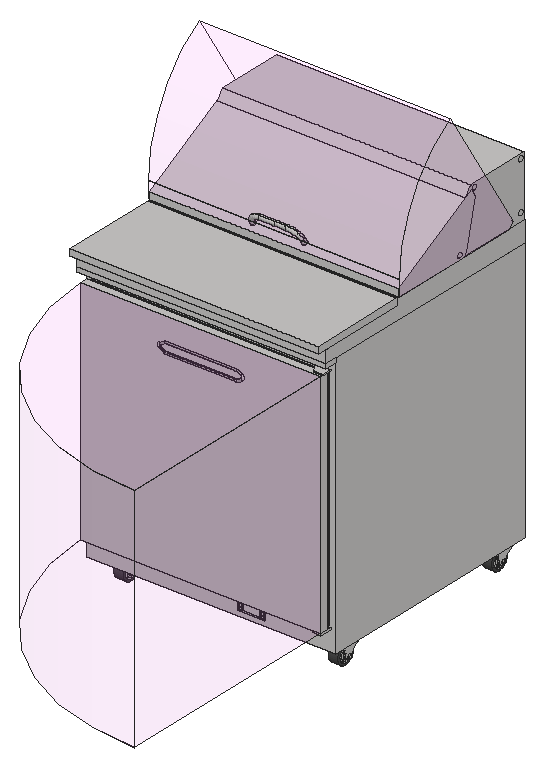
Revit family "QF_Kelvinator_738255_KCHST27.8", category Specialty Equipment, Revit 2021
Family settings
  Round Connector Dimension = Use Diameter
  Part Type = Normal
  Work Plane-Based = No
  Always vertical = Yes
  Cut with Voids When Loaded = No
  Shared = No
  Room Calculation Point = No
Parameters
  Weight in Kilograms = 156.528
  Weight = 71.00 lbm
  Watts = 0 W
  Volts = 115 V
  URL Manufacturer = "KELVINATOR"
  URL Cutsheet = "www.kelvinatorcommercial.com"
  URL = "KELVINATOR"
  Steam Supply Volume = 0 GPM
  Steam Supply Size = 0"
  Steam Supply Connection Height = 0"
  Steam Pounds per Hour = 0
  Specification by User = ""
  Specification by Manufacturer = ""
  Show Right Door [instance] = not(Show Left Door)  # no
  Show Left Door [instance] = yes
  Show Clearance [instance] = yes
  Serial Number = ""
  Seismic Rating = ""
  SMACNA No = ""
  Revision Code = ""
  Refrigerant Type = ""
  Phase = 1
  OmniClass Title = ""
  OmniClass Number = ""
  NAFEM Spec ID Number = ""
  Model = "KCHST27.8"
  Masterspec = ""
  Manufacturer = "Kelvinator"
  Length Actual = 735"
  Length = 28.937"
  Item Number = "738255"
  Installed By = ""
  Indirect Waste Size = 0"
  Indirect Waste Connection Height = 0"
  Identify Quantity as Lot = yes
  Hot Water Size = 0"
  Hot Water Flow = 0 GPM
  Hot Water Connection Height = 0"
  Height Actual = 1100"
  Height = 43.307"
  HP = "0.7 HP"
  Gas Size = 0"
  Gas KW = 0
  Gas Connection Height = 0"
  Furnished By = ""
  Foodservice Equipment Identifier = yes
  Filtered Water Supply Size = 0"
  Filtered Water Connection Height = 0"
  Direct Waste Size = 0"
  Direct Waste Connection Height = 0"
  Description = "1-DOOR SANDWICH/SALAD PREP TABLE 29\" LONG 6-1/6, 2-1/9 PAN"
  Depth Actual = 760"
  Depth = 29 15/16"
  Default Elevation = 0"
  Cycle = 60 Hz
  Condensate Return Size = 0"
  Condensate Return Connection Height = 0"
  Cold Water Size = 0"
  Cold Water RI Height = 0"
  Cold Water Consumption = ""
  Cold Water Connection Height = 0"
  Chilled Water Supply Size = 0"
  Chilled Water Supply Connection Height = 0"
  Chilled Water Return Size = 0"
  Chilled Water Return Connection Height = 0"
  CSI MasterFormat = ""
  CO2 Pressure = 0.00 psi
  CO2 Connection Height = 0"
  Accessory = no
Reference planes (in)
  plane 1 "BACK": y = 0
  plane 2: z = 0
  plane 3 "LEFT": x = 0
  plane 4 "RIGHT": x = 28.937
  plane 5 "FRONT": y = -29.9375
  plane 6 "TOP": z = 43.307
  plane 7 "Center Y": x = 14.4685
  plane 8 "Center X": y = -14.96875
Dimensions and locks (in)
  equal spacing: plane 3 "LEFT", plane 7 "Center Y", plane 4 "RIGHT"
  "Length": plane 3 "LEFT" to plane 4 "RIGHT"
  equal spacing: plane 5 "FRONT", plane 8 "Center X", plane 1 "BACK"
  "Depth": plane 5 "FRONT" to plane 1 "BACK"
  "Height": plane 6 "TOP" to level
  nested 1 to nested 1 = 26.8"
  nested 1 to nested 1 = 10 7/16"
  aligned and locked: level to plane 2
Nested families (in)
  nested 1: "Family7" at (0, 0, 0), Show Left Door <- "Show Left Door", Show Right Door <- "Show Right Door", Show Clearance <- "Show Clearance", type "Family7"
    with Show Right Door no, Show Left Door yes, Show Clearance yes
Connectors (in)
  electrical at (14.46875, -0.87772, 2.31881), driven by "Volts"
    settings: on nested 1, index 1, voltage 115 V, apparent load 500 VA, apparent load phase1 0 VA, apparent load phase2 0 VA, apparent load phase3 0 VA, power factor 1, load classification "Power", number of poles 1, system type 30, power factor state 1, is connector primary yes, connector utility no, sub classification motor no, connector description "Electrical Connection"
Definition of nested family "Family7"
  Parameters (values of type "Family7")
    Weight in Pounds = 0
    URL Cutsheet = ""
    Specification by User = ""
    Specification by Manufacturer = ""
    Show Right Door [instance] = yes
    Show Left Door [instance] = yes
    Show Clearance [instance] = yes
    Serial Number = ""
    Seismic Rating = ""
    SMACNA No = ""
    Revision Code = ""
    NAFEM Spec ID Number = ""
    Masterspec = ""
    Length = 28.937"
    Item Number = ""
    Installed By = ""
    Identify Quantity as Lot = yes
    Height = 43.307"
    Furnished By = ""
    Foodservice Equipment Identifier = yes
    Depth = 28 15/16"
    Default Elevation = 0"
    CSI MasterFormat = ""
  Reference planes (in)
    plane 1 "BACK": y = 0
    plane 2: z = 0
    plane 3 "LEFT": x = 0
    plane 4 "RIGHT": x = 28.937
    plane 5 "FRONT": y = -28.9375
    plane 6 "TOP": z = 43.307
    plane 7 "Center Y": x = 14.4685
    plane 8 "Center X": y = -14.46875
    plane 9: z = 3.1
    plane 10: z = 33.9
    plane 11: y = -18.5
    plane 12: z = 36.2
    plane 13: y = -56
    plane 14: y = -29.2
    plane 15: z = 32.4
    plane 16: z = 5.6
    plane 17: y = -27.5
    plane 18: x = 26.937
    plane 19: x = 2
    plane 20: x = 29.062
    plane 21: x = -0.125
    plane 22: y = -29.9375
  Forms (in)
    Extrusion 1, solid
      sketch origin (0, 0, 0) x (0, 1, 0) y (0, 0, 1)
        loop
          line (-27.5, 33.9) -> (-27.5, 3.1) -> (0, 3.1) -> (0, 33.9) -> (-27.5, 33.9)
      from 0 to 28.9375
    Extrusion 2, solid
      sketch origin (0, 0, 0) x (0, 1, 0) y (0, 0, 1)
        loop
          line (-18.5, 36.2) -> (-18.5, 35.45) -> (-28.9375, 35.45) -> (-28.9375, 33.9) -> (0, 33.9) -> (0, 36.2) -> (-18.5, 36.2)
      from 0 to 28.9375
    Extrusion 3, solid
      sketch origin (0, 0, 0) x (0, 1, 0) y (0, 0, 1)
        loop
          line (-29.9375, 36.2) -> (-29.9375, 35.45) -> (-18.5, 35.45) -> (-18.5, 36.2) -> (-29.9375, 36.2)
      from 0 to 28.9375
    Extrusion 4, solid
      sketch origin (0, 0, 0) x (0, 1, 0) y (0, 0, 1)
        loop
          line (-18.25, 36.2) -> (-9.1566, 36.2003)
          arc (-9.1566, 36.2003) -> (-8.81626, 36.30019) -> (-8.57232, 36.55768) r 0.68096
          line (-8.57232, 36.55768) -> (-7.17285, 41.90007) -> (-7.60536, 42.7135) -> (-18.25, 37.05365) -> (-18.25, 36.2)
      from 0 to 28.9375
    Extrusion 5, solid
      sketch origin (0, 0, 0) x (0, 1, 0) y (0, 0, 1)
        loop
          line (-9.15659, 36.2) -> (0, 36.2) -> (0, 43.307) -> (-7.75, 43.307) -> (-8.49785, 42.23895) -> (-7.60536, 42.7135) -> (-7.17285, 41.90007) -> (-8.57232, 36.55768)
          arc (-8.57232, 36.55768) -> (-8.81626, 36.30019) -> (-9.15659, 36.2) r 0.68096
      from 0.07437 to 28.86109
    Extrusion 6, solid
      sketch origin (28.9375, 0, 0) x (0, 1, 0) y (0, 0, 1)
        loop
          circle (-9.51178, 36.72547) r 0.25
      from 0 to 0.07437
    Extrusion 7, solid
      sketch origin (28.86109, -0.03482, 0) x (0, 1, 0) y (0, 0, 1)
        loop
          circle (-0.51178, 37.22547) r 0.25
      from 0 to 0.07437
    Extrusion 8, solid
      sketch origin (28.86109, -0.03482, 0) x (0, 1, 0) y (0, 0, 1)
        loop
          circle (-0.51178, 42.84497) r 0.25
      from 0 to 0.07641
    Extrusion 9, solid
      sketch origin (28.86109, -0.03482, 0) x (0, 1, 0) y (0, 0, 1)
        loop
          circle (-7.26178, 42.84497) r 0.25
      from 0 to 0.07641
    Extrusion 10, solid
      sketch origin (0, -0.00825, 0) x (0, 1, 0) y (0, 0, -1)
        loop
          circle (-9.01178, -36.72547) r 0.25
      from 0 to 0.07437
    Extrusion 11, solid
      sketch origin (0.11123, -0.03482, 0) x (0, 1, 0) y (0, 0, -1)
        loop
          circle (-0.51178, -37.22547) r 0.25
      from 0 to 0.07437
    Extrusion 12, solid
      sketch origin (0.07437, -0.03482, 0) x (0, 1, 0) y (0, 0, -1)
        loop
          circle (-0.51178, -42.84497) r 0.25
      from 0 to 0.07437
    Extrusion 13, solid
      sketch origin (0.07437, -0.03482, 0) x (0, 1, 0) y (0, 0, -1)
        loop
          circle (-7.26178, -42.84497) r 0.25
      from 0 to 0.07437
    Sweep 14, solid
      path origin (0, 15.38088, 12.95025) x (1, 0, 0) y (0, -0.469472, 0.882948)
        loop
          line (12.156, 37.2) -> (12.156, 37.35625)
          arc (12.156, 37.35625) -> (12.37567, 37.88658) -> (12.906, 38.10625) r 0.75
          line (12.906, 38.10625) -> (14.781, 38.10625) -> (16.031, 38.10625)
          arc (16.031, 38.10625) -> (16.56133, 37.88658) -> (16.781, 37.35625) r 0.75
          line (16.781, 37.35625) -> (16.781, 37.2)
      profile origin (15.406, -2.50892, 46.59607) x (0, -0.469472, 0.882948) y (0, -0.882948, -0.469472)
        loop
          circle (0.69146, 17.59878) r 0.25
    Extrusion 15, solid
      sketch origin (0, 0, 0) x (0, 1, 0) y (0, 0, 1)
        loop
          line (-28.9375, 33.9) -> (-28.9375, 33.4) -> (-27.5, 33.4) -> (-27.5, 33.9) -> (-28.9375, 33.9)
      from 0 to 28.9375
    Extrusion 16, solid
      sketch origin (14.4685, 6.90541, 48) x (0, 1, 0) y (0, 0, 1)
        loop
          line (-35.84291, -15.6) -> (-35.84291, -42.4) -> (-34.95211, -42.4) -> (-34.95211, -15.6) -> (-35.84291, -15.6)
      from 13.96875 to -13.96875
    Extrusion 17, solid
      sketch origin (0, 0, 0) x (0, 1, 0) y (0, 0, 1)
        loop
          line (-28.04671, 32.20449) -> (-28.04671, 5.81322) -> (-27.79671, 5.81322) -> (-27.79671, 32.20449) -> (-28.04671, 32.20449)
      from 0.74536 to 28.21347
    Extrusion 18, solid
      sketch origin (0, 0.25, 0) x (0, 1, 0) y (0, 0, 1)
        loop
          line (-28.04671, 32.20449) -> (-28.04671, 5.81322) -> (-27.864, 5.81322) -> (-27.864, 32.20449) -> (-28.04671, 32.20449)
      from 0.74536 to 28.21347
    Extrusion 19, solid
      sketch origin (0, 0.4327, 0) x (0, 1, 0) y (0, 0, 1)
        loop
          line (-28.04671, 32.20449) -> (-28.04671, 5.81322) -> (-27.9327, 5.81322) -> (-27.9327, 32.20449) -> (-28.04671, 32.20449)
      from 0.74536 to 28.21347
    Extrusion 20, solid
      sketch origin (-5.72957, -27.5, -4.77927) x (-1, 0, 0) y (0, 0, 1)
        loop
          line (-23.36233, 9.70772) -> (-26.51193, 9.70772) -> (-26.51193, 8.52662) -> (-23.36233, 8.52662) -> (-23.36233, 9.70772)
        loop
          line (-23.44107, 9.63107) -> (-23.83477, 9.63107) -> (-23.83477, 9.31193) -> (-23.44107, 9.31193) -> (-23.44107, 9.63107)
        loop
          line (-23.44107, 9.27674) -> (-23.83477, 9.27674) -> (-23.83477, 8.9576) -> (-23.44107, 8.9576) -> (-23.44107, 9.27674)
        loop
          line (-23.44107, 8.92241) -> (-23.83477, 8.92241) -> (-23.83477, 8.60327) -> (-23.44107, 8.60327) -> (-23.44107, 8.92241)
        loop
          line (-26.43319, 9.63107) -> (-26.43319, 9.31193) -> (-26.03949, 9.31193) -> (-26.03949, 9.63107) -> (-26.43319, 9.63107)
        loop
          line (-26.43319, 9.27674) -> (-26.43319, 8.9576) -> (-26.03949, 8.9576) -> (-26.03949, 9.27674) -> (-26.43319, 9.27674)
        loop
          line (-26.43319, 8.92241) -> (-26.43319, 8.60327) -> (-26.03949, 8.60327) -> (-26.03949, 8.92241) -> (-26.43319, 8.92241)
        loop
          line (-23.91225, 9.63107) -> (-25.96201, 9.63107) -> (-25.96201, 8.60716) -> (-23.91225, 8.60716) -> (-23.91225, 9.63107)
      from 0.07874 to -0.04602
    Extrusion 21, solid
      sketch origin (-5.72957, -27.54602, -4.77927) x (1, 0, 0) y (0, 0, 1)
        loop
          line (26.03949, 9.63107) -> (26.03949, 9.31193) -> (26.43319, 9.31193) -> (26.43319, 9.63107) -> (26.03949, 9.63107)
        loop
          line (26.03949, 9.27674) -> (26.03949, 8.9576) -> (26.43319, 8.9576) -> (26.43319, 9.27674) -> (26.03949, 9.27674)
        loop
          line (26.03949, 8.92241) -> (26.03949, 8.60327) -> (26.43319, 8.60327) -> (26.43319, 8.92241) -> (26.03949, 8.92241)
        loop
          line (23.83477, 9.63107) -> (23.44107, 9.63107) -> (23.44107, 9.31193) -> (23.83477, 9.31193) -> (23.83477, 9.63107)
        loop
          line (23.83477, 9.27674) -> (23.44107, 9.27674) -> (23.44107, 8.9576) -> (23.83477, 8.9576) -> (23.83477, 9.27674)
        loop
          line (23.83477, 8.92241) -> (23.44107, 8.92241) -> (23.44107, 8.60327) -> (23.83477, 8.60327) -> (23.83477, 8.92241)
      from 0 to -0.07874
    Extrusion 22, solid
      sketch origin (-5.72957, -27.54602, -4.77927) x (1, 0, 0) y (0, 0, 1)
        loop
          line (23.91225, 9.63107) -> (23.91225, 8.60716) -> (25.96201, 8.60716) -> (25.96201, 9.63107) -> (23.91225, 9.63107)
      from 0 to -0.07874
    Extrusion 23, void
      sketch origin (-5.72957, -27.5, -4.77927) x (-1, 0, 0) y (0, 0, 1)
        loop
          line (-23.36233, 9.70772) -> (-26.51193, 9.70772) -> (-26.51193, 8.52662) -> (-23.36233, 8.52662) -> (-23.36233, 9.70772)
      from 0 to 0.07874
    Extrusion 24, void
      sketch origin (-15.80943, -29.19996, 31.5181) x (0, 0, 1) y (1, 0, 0)
        loop
          line (-1.94791, 26.10293) -> (-1.94791, 34.45293) -> (-2.28604, 34.99393)
          arc (-2.28604, 34.99393) -> (-2.38541, 35.04901) -> (-2.48479, 34.99393) r 0.11719
          line (-2.48479, 34.99393) -> (-2.82291, 34.45293) -> (-2.82291, 26.10293) -> (-2.48621, 25.56421)
          arc (-2.48621, 25.56421) -> (-2.38541, 25.50834) -> (-2.28462, 25.56421) r 0.11887
          line (-2.28462, 25.56421) -> (-1.94791, 26.10293)
      from 0 to 0.31887
    Sweep 25, solid
      path origin (-15.80943, -26.1375, 31.5181) x (0, 0, -1) y (1, 0, 0)
        loop
          line (2.82291, 34.45293) -> (2.48479, 34.99393)
          arc (2.48479, 34.99393) -> (2.38541, 35.04901) -> (2.28604, 34.99393) r 0.11719
          line (2.28604, 34.99393) -> (1.94791, 34.45293) -> (1.94791, 26.10293) -> (2.28462, 25.56421)
          arc (2.28462, 25.56421) -> (2.38541, 25.50834) -> (2.48621, 25.56421) r 0.11887
          line (2.48621, 25.56421) -> (2.82291, 26.10293) -> (2.82291, 34.45293)
      profile origin (14.4685, -26.1375, 28.69519) x (0, 0, -1) y (0, -1, 0)
        loop
          line (0, 2.8) -> (0.25, 2.8)
          arc (0.25, 2.8) -> (0.125, 2.85269) -> (0, 2.8) r 0.17461
    Extrusion 26, solid
      sketch origin (0, -3.56521, 3.1) x (-1, 0, 0) y (0, 1, 0)
        loop
          circle (-14.46875, 2.68749) r 0.25
      from 0 to 0.78119
    Extrusion 27, solid, visible <- "Show Left Door"
      sketch origin (14.4685, -27.30921, 5.6) x (-1, 0, 0) y (0, 1, 0)
        loop
          arc (-13.96875, -28.68667) -> (5.48493, -20.82013) -> (13.97032, -1.62829) r 27.92905
          line (13.97032, -1.62829) -> (-13.96875, -1.62829) -> (-13.96875, -28.68667)
      from 0 to -26.8
    Extrusion 28, solid, visible <- "Show Left Door"
      sketch origin (14.4685, -28.04671, 5.6) x (-1, 0, 0) y (0, 1, 0)
        loop
          line (-13.96875, -0.89079) -> (-12.96875, -0.89079) -> (-12.21875, 0.54671) -> (-13.96875, 0.54671) -> (-13.96875, -0.89079)
      from 0 to 0.13
    Extrusion 29, solid, visible <- "Show Left Door"
      sketch origin (14.4685, -29.2, 32.4) x (0, 1, 0) y (-1, 0, 0)
        loop
          line (0.525, -13.96875) -> (1.7, -13.96875) -> (1.7, -12.21875) -> (0.525, -12.85294) -> (0.525, -13.96875)
      from 0 to 0.13
    Extrusion 30, solid, visible <- "Show Right Door"
      sketch origin (14.4685, -28.04671, 5.6) x (-1, 0, 0) y (0, 1, 0)
        loop
          line (13.96875, -0.89079) -> (13.96875, 0.54671) -> (12.21875, 0.54671) -> (12.96875, -0.89079) -> (13.96875, -0.89079)
      from 0 to 0.13
    Extrusion 31, solid, visible <- "Show Right Door"
      sketch origin (14.4685, -29.2, 32.4) x (0, 1, 0) y (-1, 0, 0)
        loop
          line (0.525, 13.96875) -> (0.525, 12.85294) -> (1.7, 12.21875) -> (1.7, 13.96875) -> (0.525, 13.96875)
      from 0 to 0.13
    Extrusion 32, solid, visible <- "Show Right Door"
      sketch origin (14.4685, -27.30921, 5.6) x (-1, 0, 0) y (0, 1, 0)
        loop
          line (13.96875, -28.68667) -> (13.96875, -1.62829) -> (-13.97032, -1.62829)
          arc (-13.97032, -1.62829) -> (-5.48493, -20.82013) -> (13.96875, -28.68667) r 27.92905
      from 0 to -26.8
    Extrusion 33, solid, visible <- "Show Clearance"
      sketch origin (28.9375, 0, 0) x (0, 1, 0) y (0, 0, 1)
        loop
          line (-2.42198, 36.2) -> (-1.74821, 36.8283) -> (-10.94515, 51.62523)
          arc (-10.94515, 51.62523) -> (-16.30726, 45.77958) -> (-18.25, 38.08871) r 16.19461
          line (-18.25, 38.08871) -> (-18.25, 36.2) -> (-2.42198, 36.2)
      from 0.1245 to -29.0625
  Cuts and joins
    Extrusion 23 cuts Extrusion 20
    Extrusion 24 cuts Extrusion 16
  Lines and regions (in)
    symbolic lines
      curve 1: line (28.9375, -29.9375, 0) -> (28.9375, 0, 0)
      curve 2: line (28.9375, 0, 0) -> (0, 0, 0)
      curve 3: line (0, 0, 0) -> (0, -29.9375, 0)
      curve 4: line (0, -18.5, 0) -> (12.04664, -18.5, 0)
      curve 5: line (0, -29.9375, 0) -> (28.9375, -29.9375, 0)
      curve 6: line (0, -18.25, 0) -> (11.53922, -18.25, 0)
      curve 7: line (0.07437, -8.99785, 0) -> (28.86109, -8.99785, 0)
      curve 8: line (0.07437, -8.25, 0) -> (28.86109, -8.25, 0)
      curve 9: line (28.86109, -8.99785, 0) -> (28.86109, 0, 0)
      curve 10: line (0.07437, -8.99785, 0) -> (0.07437, 0, 0)
      curve 11: line (-0.07437, -9.76178, 0) -> (-0.07437, -9.26178, 0)
      curve 12: line (-0.07437, -9.26178, 0) -> (0, -9.26178, 0)
      curve 13: line (-0.07437, -9.76178, 0) -> (0, -9.76178, 0)
      curve 14: line (0, -7.67285, 0) -> (0.07437, -7.67285, 0)
      curve 15: line (0, -8.10536, 0) -> (0.07437, -8.10536, 0)
      curve 16: line (0, -7.54654, 0) -> (0.07437, -7.54654, 0)
      curve 17: line (0, -7.0464, 0) -> (0.07437, -7.0464, 0)
      curve 18: line (0, -0.29529, 0) -> (0.07437, -0.29529, 0)
      curve 19: line (0, -0.79529, 0) -> (0.07437, -0.79529, 0)
      curve 20: line (29.01187, -9.76178, 0) -> (29.01187, -9.26178, 0)
      curve 21: line (29.01187, -9.26178, 0) -> (28.9375, -9.26178, 0)
      curve 22: line (29.01187, -9.76178, 0) -> (28.9375, -9.76178, 0)
      curve 23: line (28.9375, -7.67285, 0) -> (28.86109, -7.67285, 0)
      curve 24: line (28.9375, -8.10536, 0) -> (28.86109, -8.10536, 0)
      curve 25: line (28.9375, -7.51178, 0) -> (28.86109, -7.51178, 0)
      curve 26: line (28.9375, -7.01178, 0) -> (28.86109, -7.01178, 0)
      curve 27: line (28.9375, -0.76178, 0) -> (28.86109, -0.76178, 0)
      curve 28: line (28.9375, -0.26178, 0) -> (28.86109, -0.26178, 0)
      curve 29: spline (11.21479, -17.62226, 0) -> (11.22331, -17.56513, 0) -> (11.24828, -17.51189, 0) -> (11.28801, -17.46617, 0) -> (11.33979, -17.43109, 0) -> (11.40009, -17.40904, 0) -> (11.46479, -17.40152, 0) -> (11.5295, -17.40904, 0) -> (11.58979, -17.43109, 0) -> (11.64157, -17.46617, 0) -> (11.6813, -17.51189, 0) -> (11.70627, -17.56513, 0) -> (11.71479, -17.62226, 0)
      curve 30: spline (17.22271, -17.62226, 0) -> (17.23123, -17.56513, 0) -> (17.2562, -17.51189, 0) -> (17.29593, -17.46617, 0) -> (17.34771, -17.43109, 0) -> (17.408, -17.40904, 0) -> (17.47271, -17.40152, 0) -> (17.53741, -17.40904, 0) -> (17.59771, -17.43109, 0) -> (17.64949, -17.46617, 0) -> (17.68922, -17.51189, 0) -> (17.71419, -17.56513, 0) -> (17.72271, -17.62226, 0)
      curve 31: line (14.46875, -18.11963, 0) -> (16.0871, -18.11963, 0)
      curve 32: line (14.46875, -18.61302, 0) -> (16.21875, -18.61302, 0)
      curve 33: line (17.72271, -17.62226, 0) -> (17.72271, -17.73148, 0)
      curve 34: line (17.22271, -17.62226, 0) -> (17.22271, -17.73148, 0)
      curve 35: arc (17.22271, -17.73148, 0) -> (16.98921, -17.92692, 0) -> (16.70321, -18.03141, 0) r 0.88295
      curve 36: arc (17.72271, -17.73148, 0) -> (17.66541, -17.94612, 0) -> (17.53782, -18.12798, 0) r 0.63628
      curve 37: arc (16.70321, -18.03141, 0) -> (16.39829, -18.09746, 0) -> (16.0871, -18.11963, 0) r 2.19561
      curve 38: arc (17.53782, -18.12798, 0) -> (17.28689, -18.32719, 0) -> (16.99785, -18.46539, 0) r 1.4269
      curve 39: arc (16.99785, -18.46539, 0) -> (16.61371, -18.56774, 0) -> (16.21875, -18.61302, 0) r 2.72085
      curve 40: line (14.46875, -18.11963, 0) -> (12.8504, -18.11963, 0)
      curve 41: line (14.46875, -18.61302, 0) -> (12.71875, -18.61302, 0)
      curve 42: line (11.21479, -17.62226, 0) -> (11.21479, -17.73148, 0)
      curve 43: line (11.71479, -17.62226, 0) -> (11.71479, -17.73148, 0)
      curve 44: arc (11.71479, -17.73148, 0) -> (11.94829, -17.92692, 0) -> (12.23429, -18.03141, 0) r 0.88295
      curve 45: arc (11.21479, -17.73148, 0) -> (11.27209, -17.94612, 0) -> (11.39968, -18.12798, 0) r 0.63628
      curve 46: arc (12.23429, -18.03141, 0) -> (12.53921, -18.09746, 0) -> (12.8504, -18.11963, 0) r 2.19561
      curve 47: arc (11.39968, -18.12798, 0) -> (11.65061, -18.32719, 0) -> (11.93965, -18.46539, 0) r 1.4269
      curve 48: arc (11.93965, -18.46539, 0) -> (12.32379, -18.56774, 0) -> (12.71875, -18.61302, 0) r 2.72085
      curve 49: line (17.39828, -18.25, 0) -> (28.9375, -18.25, 0)
      curve 50: line (16.89086, -18.5, 0) -> (28.9375, -18.5, 0)
    symbolic lines, visible <- "Show Right Door"
      curve 51: arc (24.20586, -42.88673, 0) -> (27.10248, -36.6713, 0) -> (28.39779, -29.9375, 0) r 27.9375
      curve 52: line (1.77714, -29.9375, 0) -> (24.20586, -42.88673, 0)
    symbolic lines, visible <- "Show Left Door"
      curve 53: line (27.15986, -29.9375, 0) -> (4.73114, -42.88673, 0)
      curve 54: arc (4.73114, -42.88673, 0) -> (1.83452, -36.6713, 0) -> (0.53921, -29.9375, 0) r 27.9375
  Dimensions and locks (in)
    equal spacing: plane 3 "LEFT", plane 7 "Center Y", plane 4 "RIGHT"
    "Length": plane 3 "LEFT" to plane 4 "RIGHT"
    equal spacing: plane 5 "FRONT", plane 8 "Center X", plane 1 "BACK"
    "Depth": plane 5 "FRONT" to plane 1 "BACK"
    "Height": plane 6 "TOP" to level
    level to plane 9 = 3.1"
    plane 10 to plane 9 = 30.8"
    plane 6 "TOP" to plane 10 = 9.407"
    plane 5 "FRONT" to plane 1 "BACK" = 28 15/16"
    plane 11 to plane 1 "BACK" = 18 1/2"
    plane 10 to plane 12 = 2.3"
    plane 13 to plane 1 "BACK" = 56"
    plane 16 to plane 15 = 26.8"
    locked: plane 4 "RIGHT" to plane 18 at 2
    locked: plane 3 "LEFT" to plane 19 at 2
    plane 20 to plane 4 "RIGHT" = 1/8"
    aligned and locked: level to plane 2
    aligned and locked: plane 18 to nested 1
    aligned and locked: nested 2 to plane 19
  Automatic sketch dimensions
    plane 9 to Extrusion 1 sketch curve = 0"
    Extrusion 1 sketch curve to plane 17 = 0"
    Extrusion 1 sketch curve to plane 1 "BACK" = 0"
    Extrusion 1 sketch curve to plane 10 = 0"
    Extrusion 2 sketch curve to plane 5 "FRONT" = 0"
    Extrusion 2 sketch curve to plane 11 = 0"
    Extrusion 2 sketch curve to plane 1 "BACK" = 0"
    Extrusion 2 sketch curve to plane 10 = 0"
    plane 12 to Extrusion 2 sketch curve = 0"
    plane 12 to Extrusion 2 sketch curve = 3/4"
    plane 5 "FRONT" to Extrusion 3 sketch curve = 1"
    Extrusion 3 sketch curve to plane 11 = 0"
    plane 12 to Extrusion 3 sketch curve = 0"
    plane 12 to Extrusion 3 sketch curve = 3/4"
    plane 12 to Extrusion 4 sketch curve = 0"
    Extrusion 4 sketch curve to plane 11 = 1/4"
    Extrusion 4 sketch curve to plane 12 = 0.6811"
    plane 8 "Center X" to Extrusion 4 sketch curve = 5.29717"
    Extrusion 4 sketch curve to plane 12 = 0.35768"
    Extrusion 4 sketch curve to Extrusion 4 sketch curve = 0.59925"
    Extrusion 4 sketch curve to plane 6 "TOP" = 0.5935"
    Extrusion 4 sketch curve to Extrusion 4 sketch curve = 1.56621"
    Extrusion 4 sketch curve to plane 6 "TOP" = 1.40693"
    Extrusion 4 sketch curve to Extrusion 4 sketch curve = 0.43251"
    Extrusion 4 sketch curve to plane 12 = 0.0003"
    Extrusion 4 sketch curve to Extrusion 4 sketch curve = 0"
    plane 12 to Extrusion 5 sketch curve = 0"
    Extrusion 5 sketch curve to plane 6 "TOP" = 0"
    Extrusion 5 sketch curve to plane 1 "BACK" = 0"
    Extrusion 5 sketch curve to plane 6 "TOP" = 1.40693"
    plane 8 "Center X" to Extrusion 5 sketch curve = 7.2959"
    Extrusion 5 sketch curve to plane 6 "TOP" = 0.5935"
    Extrusion 5 sketch curve to Extrusion 5 sketch curve = 0.43251"
    Extrusion 5 sketch curve to Extrusion 5 sketch curve = 0.14464"
    Extrusion 5 sketch curve to plane 6 "TOP" = 1.06805"
    Extrusion 5 sketch curve to plane 12 = 0.35768"
    Extrusion 5 sketch curve to Extrusion 5 sketch curve = 1.39947"
    Extrusion 5 sketch curve to Extrusion 5 sketch curve = 0.59925"
    Extrusion 5 sketch curve to Extrusion 5 sketch curve = 0.32342"
    Extrusion 5 sketch curve to Extrusion 5 sketch curve = 0.01499"
    Extrusion 5 sketch curve to plane 12 = 0.0003"
    Extrusion 6 sketch curve to Extrusion 4 = 0.52547"
    Extrusion 6 sketch curve to Extrusion 4 = 8.73822"
    Extrusion 7 sketch curve to Extrusion 5 = 0.5466"
    Extrusion 7 sketch curve to Extrusion 5 = 1.02547"
    Extrusion 8 sketch curve to Extrusion 5 = 0.5466"
    Extrusion 8 sketch curve to Extrusion 5 = 0.46203"
    Extrusion 9 sketch curve to Extrusion 5 = 0.46203"
    Extrusion 9 sketch curve to Extrusion 5 = 7.2966"
    Extrusion 10 sketch curve to plane 12 = 0.52547"
    plane 8 "Center X" to Extrusion 10 sketch curve = 5.44872"
    plane 1 "BACK" to Extrusion 11 sketch curve = 0.5466"
    Extrusion 11 sketch curve to plane 12 = 1.02547"
    plane 1 "BACK" to Extrusion 12 sketch curve = 0.5466"
    Extrusion 12 sketch curve to plane 6 "TOP" = 0.46203"
    Extrusion 13 sketch curve to plane 6 "TOP" = 0.46203"
    plane 1 "BACK" to Extrusion 13 sketch curve = 7.2966"
    Sweep 14 sketch curve to plane 7 "Center Y" = 2 5/16"
    Sweep 14 sketch curve to Sweep 14 sketch curve = 3/4"  (x2)
    plane 7 "Center Y" to Sweep 14 sketch curve = 5/16"
    Sweep 14 sketch curve to Sweep 14 sketch curve = 1 1/4"
    Sweep 14 sketch curve to Sweep 14 sketch curve = 5/32"  (x2)
    Sweep 14 sketch curve to profile plane = 0.69146"
    profile plane to Sweep 14 sketch curve = 17.59878"
    Extrusion 15 sketch curve to plane 10 = 0"
    plane 14 to Extrusion 15 sketch curve = 0.2625"
    Extrusion 15 sketch curve to plane 17 = 0"
    Extrusion 15 sketch curve to Extrusion 15 sketch curve = 1/2"
    plane 14 to Extrusion 16 sketch curve = 0.2625"
    plane 16 to Extrusion 16 sketch curve = 0"
    plane 15 to Extrusion 16 sketch curve = 0"
    Extrusion 16 sketch curve to plane 17 = 0.54671"
    Extrusion 17 sketch curve to plane 16 = 0.21322"
    Extrusion 17 sketch curve to plane 17 = 0.54671"
    Extrusion 17 sketch curve to Extrusion 17 sketch curve = 1/4"
    plane 15 to Extrusion 17 sketch curve = 0.19551"
    Extrusion 18 sketch curve to plane 17 = 0.29671"
    Extrusion 18 sketch curve to plane 17 = 0.114"
    Extrusion 18 sketch curve to plane 16 = 0.21322"
    plane 15 to Extrusion 18 sketch curve = 0.19551"
    Extrusion 19 sketch curve to plane 17 = 0"
    Extrusion 19 sketch curve to Extrusion 19 sketch curve = 0.114"
    Extrusion 19 sketch curve to plane 16 = 0.21322"
    plane 15 to Extrusion 19 sketch curve = 0.19551"
    plane 16 to Extrusion 20 sketch curve = 0.67154"
    Extrusion 20 sketch curve to plane 18 = 6.15464"
    Extrusion 20 sketch curve to Extrusion 20 sketch curve = 0.07874"  (x3)
    Extrusion 20 sketch curve to Extrusion 20 sketch curve = 0"  (x7)
    Extrusion 20 sketch curve to Extrusion 20 sketch curve = 0.3937"  (x2)
    Extrusion 20 sketch curve to Extrusion 20 sketch curve = 0.07748"  (x3)
    Extrusion 20 sketch curve to plane 9 = 0.72789"
    Extrusion 20 sketch curve to Extrusion 20 sketch curve = 2.04976"
    Extrusion 20 sketch curve to Extrusion 20 sketch curve = 1/256"  (x2)
    Extrusion 20 sketch curve to Extrusion 20 sketch curve = 0.07665"  (x3)
    Extrusion 20 sketch curve to Extrusion 20 sketch curve = 0.31914"  (x4)
    Extrusion 20 sketch curve to Extrusion 20 sketch curve = 0.03519"  (x4)
    Extrusion 20 to Extrusion 21 sketch curve = 0"  (x10)
    Extrusion 21 sketch curve to Extrusion 20 = 0"  (x14)
    Extrusion 22 sketch curve to Extrusion 20 = 0"  (x3)
    Extrusion 20 to Extrusion 22 sketch curve = 0"
    plane 16 to Extrusion 23 sketch curve = 0.67154"
    Extrusion 23 sketch curve to plane 18 = 6.15464"
    Extrusion 23 sketch curve to plane 9 = 0.64735"
    Extrusion 23 sketch curve to Extrusion 23 sketch curve = 3.14961"
    plane 15 to Extrusion 24 sketch curve = 3.70481"
    Extrusion 24 sketch curve to Extrusion 24 sketch curve = 0.3367"
    Extrusion 24 sketch curve to Extrusion 24 sketch curve = 0.33813"  (x2)
    Extrusion 24 sketch curve to Extrusion 24 sketch curve = 0.09937"  (x2)
    Extrusion 24 sketch curve to Extrusion 24 sketch curve = 0.1008"  (x2)
    Extrusion 24 sketch curve to plane 7 "Center Y" = 4.71372"
    Extrusion 24 sketch curve to Extrusion 24 sketch curve = 0.063"
    Extrusion 24 sketch curve to Extrusion 24 sketch curve = 0.53872"  (x2)
    plane 7 "Center Y" to Extrusion 24 sketch curve = 4.175"
    Extrusion 24 sketch curve to Extrusion 24 sketch curve = 0"
    Extrusion 24 sketch curve to Extrusion 24 sketch curve = 0.47889"
    Extrusion 24 sketch curve to Extrusion 24 sketch curve = 0.06211"
    plane 15 to Sweep 25 sketch curve = 2.82981"
    Sweep 25 sketch curve to Sweep 25 sketch curve = 0.3367"
    Sweep 25 sketch curve to Sweep 25 sketch curve = 0.33813"  (x2)
    Sweep 25 sketch curve to Sweep 25 sketch curve = 0.09937"  (x2)
    Sweep 25 sketch curve to Sweep 25 sketch curve = 0.1008"  (x2)
    Sweep 25 sketch curve to plane 7 "Center Y" = 4.71372"
    Sweep 25 sketch curve to Sweep 25 sketch curve = 0.063"
    Sweep 25 sketch curve to Sweep 25 sketch curve = 0.53872"  (x2)
    plane 7 "Center Y" to Sweep 25 sketch curve = 4.175"
    Sweep 25 sketch curve to Sweep 25 sketch curve = 0"
    Sweep 25 sketch curve to Sweep 25 sketch curve = 0.47889"
    Sweep 25 sketch curve to Sweep 25 sketch curve = 0.06211"
    Sweep 25 sketch curve to profile plane = 0"
    Sweep 25 sketch curve to profile plane = 1/8"
    profile plane to Sweep 25 sketch curve = 2.67809"
    Sweep 25 sketch curve to Sweep 25 sketch curve = 0.12191"
    Extrusion 1 to Extrusion 26 sketch curve = 0.87772"
    Extrusion 26 sketch curve to Extrusion 1 = 14 15/32"
    Extrusion 27 sketch curve to Extrusion 16 = 0"  (x2)
    Extrusion 16 to Extrusion 27 sketch curve = 0.00157"
    Extrusion 27 sketch curve to Extrusion 16 = 0.02359"
    Extrusion 16 to Extrusion 27 sketch curve = 0.02014"
    Extrusion 28 sketch curve to Extrusion 16 = 0"
    Extrusion 16 to Extrusion 28 sketch curve = 0"
    Extrusion 28 sketch curve to Extrusion 16 = 1"
    Extrusion 28 sketch curve to Extrusion 16 = 0.54671"
    Extrusion 28 sketch curve to Extrusion 16 = 1 3/4"
    Extrusion 29 sketch curve to Extrusion 16 = 0.2625"
    Extrusion 29 sketch curve to Extrusion 16 = 0"
    Extrusion 16 to Extrusion 29 sketch curve = 0.54671"
    Extrusion 16 to Extrusion 29 sketch curve = 1.11581"
    Extrusion 16 to Extrusion 29 sketch curve = 1 3/4"
    Extrusion 16 to Extrusion 30 sketch curve = 0"
    Extrusion 30 sketch curve to Extrusion 16 = 0"
    Extrusion 30 sketch curve to Extrusion 16 = 1"
    Extrusion 30 sketch curve to Extrusion 16 = 0.54671"
    Extrusion 30 sketch curve to Extrusion 16 = 1 3/4"
    Extrusion 31 sketch curve to Extrusion 16 = 0.2625"
    Extrusion 31 sketch curve to Extrusion 16 = 0"
    Extrusion 16 to Extrusion 31 sketch curve = 0.54671"
    Extrusion 16 to Extrusion 31 sketch curve = 1.11581"
    Extrusion 16 to Extrusion 31 sketch curve = 1 3/4"
    Extrusion 16 to Extrusion 32 sketch curve = 0.00157"
    Extrusion 32 sketch curve to Extrusion 16 = 0"  (x2)
    Extrusion 32 sketch curve to Extrusion 16 = 0.02359"
    Extrusion 16 to Extrusion 32 sketch curve = 0.02014"
    Extrusion 33 sketch curve to Extrusion 4 = 0"
    Extrusion 4 to Extrusion 33 sketch curve = 0"
    Extrusion 33 sketch curve to Extrusion 4 = 7.30485"
    Extrusion 33 sketch curve to Extrusion 4 = 15.82802"
    Extrusion 33 sketch curve to Extrusion 33 sketch curve = 0.3666"
    Extrusion 33 sketch curve to Extrusion 4 = 0.6283"
    Extrusion 33 sketch curve to Extrusion 33 sketch curve = 0.67377"
    Extrusion 33 sketch curve to Extrusion 33 sketch curve = 1.2604"
    plane 1 "BACK" to curve 3 = 0"
    curve 3 to plane 3 "LEFT" = 0"
    plane 5 "FRONT" to curve 52 = 1"
    plane 11 to curve 4 = 0"
    plane 11 to curve 50 = 0"
    curve 11 to plane 21 = 0.05063"
    plane 3 "LEFT" to curve 7 = 0.07437"
    plane 3 "LEFT" to curve 51 = 0.52298"
    curve 53 to plane 19 = 2.73114"
    curve 42 to plane 11 = 0.87774"
    curve 42 to plane 7 "Center Y" = 3.25371"
    curve 29 to curve 43 = 1/2"
    curve 44 to curve 45 = 0.13396"
    curve 45 to curve 44 = 0.54101"
    curve 44 to curve 47 = 0.01698"
    plane 11 to curve 41 = 0.11302"
    curve 45 to curve 41 = 0.87"
    curve 47 to curve 48 = 0.42358"
    curve 48 to curve 40 = 0.13165"
    plane 7 "Center Y" to curve 41 = 0.00025"
    plane 7 "Center Y" to curve 31 = 0.00025"
    curve 31 to plane 11 = 0.38037"
    curve 31 to curve 31 = 1.61835"
    curve 37 to curve 39 = 0.02008"
    curve 31 to curve 32 = 0.13165"
    curve 31 to curve 38 = 0.44366"
    curve 38 to curve 35 = 0.01698"
    curve 35 to curve 36 = 0.54101"
    curve 36 to curve 34 = 0.13396"
    curve 34 to curve 33 = 1/2"
    curve 52 to plane 18 = 2.73114"
    plane 4 "RIGHT" to curve 54 = 0.52298"
    plane 4 "RIGHT" to curve 7 = 0.07591"
    curve 1 to plane 4 "RIGHT" = 0.0005"
    curve 20 to plane 20 = 0.05013"
    curve 52 to plane 13 = 13 29/256"
    curve 53 to plane 13 = 13 29/256"
    curve 54 to plane 17 = 0.56697"
    curve 51 to plane 17 = 0.56697"
    curve 42 to curve 42 = 0.10922"
    curve 43 to curve 29 = 0.10922"
    curve 50 to curve 34 = 0.76852"
    curve 35 to curve 33 = 0"
    curve 44 to curve 45 = 0.05426"
    curve 34 to curve 36 = 0.05426"
    curve 34 to curve 34 = 0.10922"
    curve 36 to curve 35 = 0.51496"
    curve 45 to curve 44 = 0.51496"
    curve 44 to curve 47 = 0.04514"
    curve 35 to curve 38 = 0.04514"
    curve 47 to curve 46 = 1.1931"
    curve 38 to curve 37 = 1.1931"
    curve 37 to curve 39 = 0.02957"
    curve 46 to curve 48 = 0.02957"
    plane 8 "Center X" to curve 22 = 4.70697"
    plane 8 "Center X" to curve 13 = 4.70697"
    curve 11 to curve 12 = 1/2"
    curve 20 to curve 20 = 1/2"
    curve 12 to curve 7 = 0.26393"
    plane 3 "LEFT" to curve 52 = 1.77714"
    curve 47 to curve 45 = 0"
    curve 47 to curve 6 = 0.13954"
    curve 38 to curve 39 = 0"
    curve 49 to curve 36 = 0.13954"
    plane 4 "RIGHT" to curve 53 = 1.77714"
    curve 7 to curve 8 = 0.74785"
    curve 8 to curve 24 = 0.14464"
    curve 8 to curve 15 = 0.14464"
    curve 15 to curve 14 = 0.43251"
    curve 24 to curve 23 = 0.43251"
    curve 14 to curve 16 = 0.12632"
    curve 23 to curve 25 = 0.16107"
    curve 16 to curve 17 = 0.50013"
    curve 25 to curve 26 = 1/2"
    plane 1 "BACK" to curve 19 = 0.79529"
    plane 1 "BACK" to curve 27 = 0.76178"
    plane 1 "BACK" to curve 18 = 0.29529"
    plane 1 "BACK" to curve 28 = 0.26178"
    radius of Extrusion 6 sketch curve = 1/4"
    radius of Extrusion 7 sketch curve = 1/4"
    radius of Extrusion 8 sketch curve = 1/4"
    radius of Extrusion 9 sketch curve = 1/4"
    radius of Extrusion 10 sketch curve = 1/4"
    radius of Extrusion 11 sketch curve = 1/4"
    radius of Extrusion 12 sketch curve = 1/4"
    radius of Extrusion 13 sketch curve = 1/4"
    radius of Sweep 14 sketch curve = 1/4"
    radius of Extrusion 26 sketch curve = 1/4"
  Nested families (in)
    nested 1: "3 INCHES 01_CASTER" at (26.937, -24.75, 0), type "3 INCHES 01_CASTER"
      with Type Mark "", Specification by User "", Revision Code "", Item Number "", Installed By "", Identify Quantity as Lot yes, Furnished By "", Foodservice Equipment Identifier yes, 3 Inches Caster yes
    nested 2: "3 INCHES 01_CASTER" at (2, -24.75, 0), type "3 INCHES 01_CASTER"
      with Type Mark "", Specification by User "", Revision Code "", Item Number "", Installed By "", Identify Quantity as Lot yes, Furnished By "", Foodservice Equipment Identifier yes, 3 Inches Caster yes
    nested 3: "3 INCHES 01_CASTER" at (26.9375, -2.375, 0), type "3 INCHES 01_CASTER"
      with Type Mark "", Specification by User "", Revision Code "", Item Number "", Installed By "", Identify Quantity as Lot yes, Furnished By "", Foodservice Equipment Identifier yes, 3 Inches Caster yes
    nested 4: "3 INCHES 01_CASTER" at (2, -2.375, 0), type "3 INCHES 01_CASTER"
      with Type Mark "", Specification by User "", Revision Code "", Item Number "", Installed By "", Identify Quantity as Lot yes, Furnished By "", Foodservice Equipment Identifier yes, 3 Inches Caster yes
  Definition of nested family "3 INCHES 01_CASTER"
    Parameters (values of type "3 INCHES 01_CASTER")
      Weight = ""
      URL Manufacturer = ""
      URL Cutsheet = ""
      URL = ""
      Type Mark [instance] = ""
      Specification by User [instance] = ""
      Specification by Manufacturer = ""
      Serial Number = ""
      Seismic Rating = ""
      SMACNA No = ""
      Revision Code [instance] = ""
      Omniclass Number and Title = ""
      NAFEM Spec ID Number = ""
      Model = ""
      MasterSpec. = ""
      Manufacturer = ""
      Item Number [instance] = ""
      Installed By [instance] = ""
      Identify Quantity as Lot [instance] = yes
      Furnished By [instance] = ""
      Foodservice Equipment Identifier [instance] = yes
      Description = ""
      Default Elevation = 0"
      CSI MasterFormat = ""
      CSI Master Format = ""
      Assembly Code = ""
      3 Inches Caster [instance] = yes
    Reference planes (in)
      plane 1: z = 0
      plane 2 "RIGHT": x = 0
      plane 3 "FRONT": y = 0
      plane 4 "TOP": z = 3.1
    Forms (in)
      Revolve 1, solid, visible <- "3 Inches Caster"
        sketch origin (-1.93794, 0.56004, -1.0041) x (1, 0, 0) y (0, 0, 1)
          loop
            line (0.74055, 2.11347) -> (0.74055, 2.03797) -> (0.79055, 1.98797) -> (0.85055, 1.98797) -> (0.85055, 1.8679) -> (1.235, 1.8679) -> (1.235, 1.7068) -> (1.36441, 1.63209) -> (1.4003, 1.41035) -> (1.34375, 1.41035) -> (1.34375, 1.28535) -> (1.375, 1.28535) -> (1.375, 1.0041) -> (2.48438, 1.0041) -> (2.48438, 1.28535) -> (2.51563, 1.28535) -> (2.51563, 1.41035) -> (2.45908, 1.41035) -> (2.49553, 1.6356) -> (2.62438, 1.70999) -> (2.62438, 1.8679) -> (3.04007, 1.8679) -> (3.04007, 1.98797) -> (3.10007, 1.98797) -> (3.15007, 2.03797) -> (3.15007, 2.11347) -> (0.74055, 2.11347)
          axis (0.74055, 2.11347) -> (3.15007, 2.11347)
        angle from 0 to 360
      Extrusion 2, solid, visible <- "3 Inches Caster"
        sketch origin (-1.93794, 1.35294, -3.2541) x (0, 1, 0) y (0, 0, 1)
          loop
            line (-0.41094, 5.86793) -> (-0.41094, 6.01276) -> (-2.29494, 6.01276) -> (-2.29494, 5.71244) -> (-1.82301, 5.71244)
            arc (-1.82301, 5.71244) -> (-1.00307, 5.59865) -> (-0.19592, 5.41488) r 9.6332
            arc (-0.19592, 5.41488) -> (0.12646, 5.29481) -> (0.42224, 5.11916) r 1.92059
            line (0.42224, 5.11916) -> (0.51314, 5.245)
            arc (0.51314, 5.245) -> (0.27353, 5.42569) -> (0.01201, 5.5729) r 2.25036
            line (0.01201, 5.5729) -> (0.09371, 5.71426)
            arc (0.09371, 5.71426) -> (-0.15272, 5.81043) -> (-0.41094, 5.86793) r 1.73151
        from 1.17357 to 2.70231
      Revolve 3, solid, visible <- "3 Inches Caster"
        sketch origin (0, 1.73858, -3.25) x (0, 1, 0) y (0, 0, 1)
          loop
            line (-1.73858, 6.35) -> (-1.73858, 6.00866) -> (-0.93293, 6.00866) -> (-0.93293, 6.35) -> (-1.73858, 6.35)
          axis (-1.73858, 6.00866) -> (-1.73858, 6.35)
        angle from 0 to 360
      Extrusion 4, solid, visible <- "3 Inches Caster"
        sketch origin (-1.98481, 1.35294, -1.7541) x (0, 1, 0) y (0, 0, 1)
          loop
            line (-2.29494, 4.51276) -> (-2.29494, 4.21244) -> (-2.2074, 4.21244)
            arc (-2.2074, 4.21244) -> (-1.58796, 3.87196) -> (-1.3103, 3.22193) r 1.0835
            arc (-1.3103, 3.22193) -> (-1.27304, 2.98711) -> (-1.19616, 2.76214) r 1.38462
            arc (-1.19616, 2.76214) -> (-0.77704, 2.49744) -> (-0.37393, 2.78593) r 0.44401
            arc (-0.37393, 2.78593) -> (-0.35491, 2.84407) -> (-0.34077, 2.90358) r 0.74034
            arc (-0.34077, 2.90358) -> (-0.07302, 3.38916) -> (0.4279, 3.62699) r 0.90376
            line (0.4279, 3.62699) -> (0.51314, 3.745)
            arc (0.51314, 3.745) -> (0.27353, 3.92569) -> (0.01201, 4.0729) r 2.25036
            line (0.01201, 4.0729) -> (0.09371, 4.21426)
            arc (0.09371, 4.21426) -> (-0.15272, 4.31043) -> (-0.41094, 4.36793) r 1.73151
            line (-0.41094, 4.36793) -> (-0.41094, 4.51276) -> (-2.29494, 4.51276)
        from 2.74918 to 2.90825
      Extrusion 5, solid, visible <- "3 Inches Caster"
        sketch origin (1.98481, 1.35294, -1.7541) x (0, 1, 0) y (0, 0, -1)
          loop
            line (-2.29494, -4.51276) -> (-0.41094, -4.51276) -> (-0.41094, -4.36793)
            arc (-0.41094, -4.36793) -> (-0.15272, -4.31043) -> (0.09371, -4.21426) r 1.73151
            line (0.09371, -4.21426) -> (0.01201, -4.0729)
            arc (0.01201, -4.0729) -> (0.27353, -3.92569) -> (0.51314, -3.745) r 2.25036
            line (0.51314, -3.745) -> (0.4279, -3.62699)
            arc (0.4279, -3.62699) -> (-0.07302, -3.38916) -> (-0.34077, -2.90358) r 0.90376
            arc (-0.34077, -2.90358) -> (-0.35491, -2.84407) -> (-0.37393, -2.78593) r 0.74034
            arc (-0.37393, -2.78593) -> (-0.77704, -2.49744) -> (-1.19616, -2.76214) r 0.44401
            arc (-1.19616, -2.76214) -> (-1.27304, -2.98711) -> (-1.3103, -3.22193) r 1.38462
            arc (-1.3103, -3.22193) -> (-1.58796, -3.87196) -> (-2.2074, -4.21244) r 1.0835
            line (-2.2074, -4.21244) -> (-2.29494, -4.21244) -> (-2.29494, -4.51276)
        from 2.74918 to 2.90825
    Cuts and joins
      joined: Extrusion 2, Extrusion 4, Extrusion 5
    Lines and regions (in)
      symbolic lines, visible <- "3 Inches Caster"
        curve 1: line (0.1877, 1.65194, 0) -> (0.89063, 1.2461, 0)
        curve 2: line (-1.00175, -0.40823, 0) -> (0.1877, 1.65194, 0)
        curve 3: line (-0.29881, -0.81407, 0) -> (-1.00175, -0.40823, 0)
        curve 4: line (0.89063, 1.2461, 0) -> (-0.29881, -0.81407, 0)
    Dimensions and locks (in)
      plane 4 "TOP" to level = 3.1"  (x2)
      aligned and locked: level to plane 1
